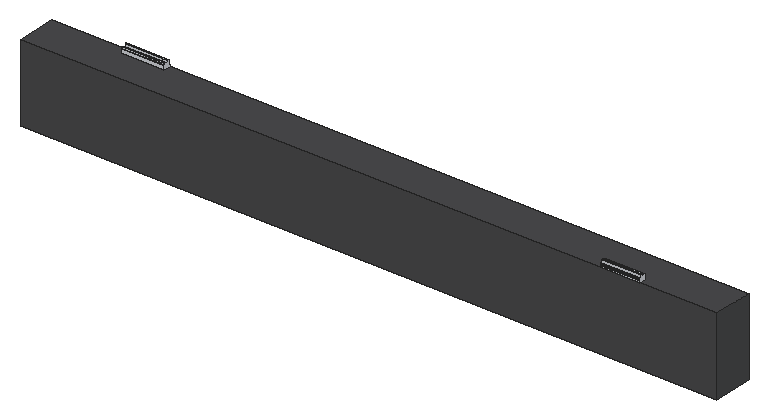
Revit family "STRIPE BLOCK RAIL 646_DTM30U.6.2.90", category Luminarias, Revit 2019
Family settings
  Cota de conector redondo = Diámetro de uso
  Tipo de pieza = Normal
  Se basa en plano de trabajo = Sí
  Siempre vertical = Sí
  Corte con vacíos al cargar = No
  Origen de luz = Sí
  Compartido = No
  Punto de cálculo de habitación = No
Parameters (values of type "STRIPE BLOCK RAIL 646_DTM30U.6.2.90")
  Ángulo de inclinación = 60.00°
  Ángulo de enfoque = 90.00°
  Ángulo de campo de foco = 90.00°
  Zone [instance] = ""
  Watt per fixture = 30
  Wattage = 30 W
  built-in parameter 1150107 = 2700 (stored number, unit not read)
  built-in parameter 1150110 = 1 (stored number, unit not read)
  built-in parameter 1150109 = 1 (stored number, unit not read)
  built-in parameter 1150112 = 1 (stored number, unit not read)
  built-in parameter 1150113 = 1 (stored number, unit not read)
  built-in parameter 1114218 = 1 (stored number, unit not read)
  Keynote = ""
  built-in parameter 1150137 = (empty or 0)
  built-in parameter 1150132 = (empty or 0)
  Modelo = "DTM30U.6.2.90"
  Lámpara = "2835SMD SAMSUNG"
  Light Source Symbol Length = 3048 mm
  built-in parameter 1150105 = 1817 (stored number, unit not read)
  built-in parameter 1150102 = (empty or 0)
  built-in parameter 1150106 = 18.17 (stored number, unit not read)
  Lumens = 2460 lm
  Color Filter = 16777215
  built-in parameter 1114217 = 1 (stored number, unit not read)
  built-in parameter 1150139 = (empty or 0)
  Fabricante = "BRILLANT"
  Default Elevation = 1219.2 mm
  built-in parameter 1150104 = 7.618 (stored number, unit not read)
  Descripción = "LUMINARIA DOWNLIGHT EN FORMATO RECTANGULAR COMPATIBLE CON RIEL DE 6 ENTRADAS Y 3 CIRCUITOS, CUERPO DE ALUMINIO ACABADO EN COLOR NEGRO, IP 20, PESO 1.32Kg, TIPO DE LED 2835SMD SAMSUNG CON 30W TOTAL, 2200 LUMENES, 82LM/W, IRC 90, TEMPERATURA EN BLANCO CALIDO 2700K, 50 MIL HORAS DE VIDA PROMEDIO, APERTURA DE 90 GRADOS POR STOCK, ALIMENTADO A 90-240V"
  built-in parameter 1150115 = 1 (stored number, unit not read)
  built-in parameter 1150114 = 1 (stored number, unit not read)
  Comentarios de vataje = "90-240V"
  built-in parameter 1150138 = (empty or 0)
  built-in parameter 1150134 = (empty or 0)
  Circuit [instance] = ""
  Dimming Lamp Color Temperature Shift = (empty or 0)
  Longitud de símbolo de origen de luz = 3048 mm
Reference planes
  plane 1 "Centro (Frontal/Posterior)": y = 0
  plane 2: z = 0
  plane 3 "Centro (Izquierda/Derecha)": x = 0
Forms (mm)
  Extrusion 1, solid, material "Default Form"
    sketch origin (0, 0, 0) x (1, 0, 0) y (0, 0, 1)
      loop
        line (-323, 0) -> (-323, -72) -> (323, -72) -> (323, 0) -> (-323, 0)
    from -18.326 to 18.326
  Extrusion 2, solid
    sketch origin (0, 0, 3.217) x (0, 1, 0) y (0, 0, 1)
      loop
        line (-12.149, -3.217) -> (-12.149, 0) -> (-12.935, 0) -> (-12.935, 1.637) -> (-13.796, 1.637) -> (-13.796, 0) -> (-14.582, 0) -> (-14.582, 0.811) -> (-15.443, 0.811) -> (-15.443, 0) -> (-16.233, 0) -> (-16.233, 2.691) -> (-17.279, 2.691) -> (-17.279, 0) -> (-18.061, 0) -> (-18.061, -0.861) -> (-17.162, -0.861) -> (-17.162, -2.042) -> (-18.326, -2.042) -> (-18.326, -3.217) -> (-12.149, -3.217)
    from 215.559 to 251.803
  Blend 3, void
    base sketch origin (0, 0, 0) x (1, 0, 0) y (0, 1, 0)
      loop
        line (-320, 16.149) -> (-320, -16.149) -> (320, -16.149) -> (320, 16.149) -> (-320, 16.149)
    top sketch origin (0, 0, 0) x (1, 0, 0) y (0, 1, 0)
      loop
        line (-316.632, 12.149) -> (-316.632, -12.149) -> (315, -12.149) -> (315, 12.149) -> (-316.632, 12.149)
    from -72 to -61.591
  Extrusion 4, solid
    sketch origin (-125, 0, 3.217) x (0, -1, 0) y (0, 0, 1)
      loop
        line (-12.149, -3.217) -> (-12.149, 0) -> (-12.935, 0) -> (-12.935, 1.637) -> (-13.796, 1.637) -> (-13.796, 0) -> (-14.582, 0) -> (-14.582, 0.811) -> (-15.443, 0.811) -> (-15.443, 0) -> (-16.233, 0) -> (-16.233, 2.691) -> (-17.279, 2.691) -> (-17.279, 0) -> (-18.061, 0) -> (-18.061, -0.861) -> (-17.162, -0.861) -> (-17.162, -2.042) -> (-18.326, -2.042) -> (-18.326, -3.217) -> (-12.149, -3.217)
    from 89.098 to 128.24
  Extrusion 5, solid, material "Cristal"
    sketch origin (0, 0, 0) x (1, 0, 0) y (0, 1, 0)
      loop
        line (-320, 16.149) -> (-320, -16.149) -> (320, -16.149) -> (320, 16.149) -> (-320, 16.149)
    from -71.747 to -71.525
Cuts and joins
  Blend 3 cuts Extrusion 1
Dimensions and locks
  equal spacing: Extrusion 1, plane 1 "Centro (Frontal/Posterior)", Extrusion 1
  Extrusion 1 to plane 1 "Centro (Frontal/Posterior)" = 18.326 mm
  Extrusion 1 to Extrusion 1 = 36.651 mm
  Extrusion 1 to Extrusion 1 = 72 mm
  Extrusion 1 to Extrusion 1 = 646 mm
  cut or joined group of Extrusion 1, Blend 3 to cut or joined group of Extrusion 1, Blend 3 = 72 mm
  cut or joined group of Extrusion 1, Blend 3 to cut or joined group of Extrusion 1, Blend 3 = 36.651 mm
  cut or joined group of Extrusion 1, Blend 3 to cut or joined group of Extrusion 1, Blend 3 = 646 mm
  equal spacing: cut or joined group of Extrusion 1, Blend 3, plane 1 "Centro (Frontal/Posterior)", cut or joined group of Extrusion 1, Blend 3
  aligned and locked: level to plane 2
Automatic sketch dimensions
  Extrusion 1 sketch curve to level = 0 mm
  Extrusion 1 sketch curve to plane 3 "Centro (Izquierda/Derecha)" = 323 mm
  plane 3 "Centro (Izquierda/Derecha)" to Extrusion 1 sketch curve = 323 mm
  Extrusion 1 sketch curve to level = 72 mm
  Extrusion 2 sketch curve to level = 0 mm
  level to Extrusion 2 sketch curve = 1.175 mm
  plane 1 "Centro (Frontal/Posterior)" to Extrusion 2 sketch curve = 18.326 mm
  Extrusion 2 sketch curve to Extrusion 2 sketch curve = 0.265 mm
  Extrusion 2 sketch curve to Extrusion 2 sketch curve = 0.782 mm
  Extrusion 2 sketch curve to Extrusion 2 sketch curve = 1.164 mm
  Extrusion 2 sketch curve to Extrusion 2 sketch curve = 1.046 mm
  Extrusion 2 sketch curve to Extrusion 2 sketch curve = 0.789 mm
  Extrusion 2 sketch curve to Extrusion 2 sketch curve = 0.861 mm  (x3)
  Extrusion 2 sketch curve to Extrusion 2 sketch curve = 0.786 mm
  Extrusion 2 sketch curve to Extrusion 2 sketch curve = 0.785 mm
  Extrusion 2 sketch curve to Extrusion 2 sketch curve = 1.181 mm
  level to Extrusion 2 sketch curve = 3.217 mm
  Extrusion 2 sketch curve to Extrusion 2 sketch curve = 0 mm  (x2)
  Extrusion 2 sketch curve to Extrusion 2 sketch curve = 0.811 mm
  Extrusion 2 sketch curve to Extrusion 2 sketch curve = 0.826 mm
  Extrusion 2 sketch curve to Extrusion 2 sketch curve = 1.88 mm
  Blend 3 sketch curve to plane 1 "Centro (Frontal/Posterior)" = 16.149 mm
  Blend 3 sketch curve to plane 3 "Centro (Izquierda/Derecha)" = 320 mm
  plane 1 "Centro (Frontal/Posterior)" to Blend 3 sketch curve = 16.149 mm
  plane 3 "Centro (Izquierda/Derecha)" to Blend 3 sketch curve = 320 mm
  Blend 3 sketch curve to plane 1 "Centro (Frontal/Posterior)" = 12.149 mm
  Blend 3 sketch curve to plane 3 "Centro (Izquierda/Derecha)" = 316.632 mm
  plane 1 "Centro (Frontal/Posterior)" to Blend 3 sketch curve = 12.149 mm
  plane 3 "Centro (Izquierda/Derecha)" to Blend 3 sketch curve = 315 mm
  Extrusion 4 sketch curve to level = 0 mm
  level to Extrusion 4 sketch curve = 1.175 mm
  Extrusion 4 sketch curve to plane 1 "Centro (Frontal/Posterior)" = 18.326 mm
  Extrusion 4 sketch curve to Extrusion 4 sketch curve = 0.265 mm
  Extrusion 4 sketch curve to Extrusion 4 sketch curve = 0.782 mm
  Extrusion 4 sketch curve to Extrusion 4 sketch curve = 1.164 mm
  Extrusion 4 sketch curve to Extrusion 4 sketch curve = 1.046 mm
  Extrusion 4 sketch curve to Extrusion 4 sketch curve = 0.789 mm
  Extrusion 4 sketch curve to Extrusion 4 sketch curve = 0.861 mm  (x3)
  Extrusion 4 sketch curve to Extrusion 4 sketch curve = 0.786 mm
  Extrusion 4 sketch curve to Extrusion 4 sketch curve = 0.785 mm
  Extrusion 4 sketch curve to Extrusion 4 sketch curve = 1.181 mm
  level to Extrusion 4 sketch curve = 3.217 mm
  Extrusion 4 sketch curve to Extrusion 4 sketch curve = 0 mm  (x2)
  Extrusion 4 sketch curve to Extrusion 4 sketch curve = 0.811 mm
  Extrusion 4 sketch curve to Extrusion 4 sketch curve = 0.826 mm
  Extrusion 4 sketch curve to Extrusion 4 sketch curve = 1.88 mm
  plane 1 "Centro (Frontal/Posterior)" to Extrusion 5 sketch curve = 16.149 mm
  Extrusion 5 sketch curve to plane 3 "Centro (Izquierda/Derecha)" = 320 mm
  plane 3 "Centro (Izquierda/Derecha)" to Extrusion 5 sketch curve = 320 mm
  Extrusion 5 sketch curve to plane 1 "Centro (Frontal/Posterior)" = 16.149 mm
Connectors
  electrical at (0, 0, 0)
    settings: on cut or joined group of Extrusion 1, Blend 3, index 1, voltage 240 V, apparent load 0 VA, apparent load phase1 0 VA, apparent load phase2 0 VA, apparent load phase3 0 VA, power factor 1, load classification "Otro", number of poles 1, system type 31, power factor state 1, is connector primary yes, connector utility no, sub classification motor no, connector description ""
